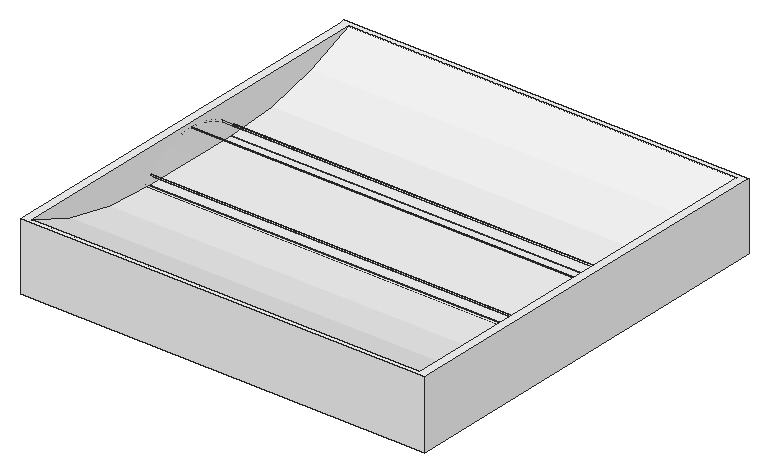
Revit family "CCL", category Lighting Fixtures, host Face, Revit 2021
Family settings
  Host = Face
  Round Connector Dimension = Use Diameter
  Part Type = Normal
  OmniClass Number = 23.80.70.11
  OmniClass Title = Luminaries for Internal Lighting
  Cut with Voids When Loaded = No
  Light Source = Yes
  Shared = No
  Room Calculation Point = No
Parameters (values of type "CCL22-3335")
  zz Length = Row Length - 1.000"  # 23.000"
  Width = 24.000"
  Watts = 28.9 W
  Wattage = 29 W
  Warranty = "Five-year warranty"  # constant formula
  built-in parameter 1150110 = 1 (stored number, unit not read)
  Voltage = 120 V
  Wattage Comments = "28.9W-43.9W"  # constant formula
  URL = "https://www.currentlighting.com/columbia"
  built-in parameter 1114217 = 1 (stored number, unit not read)
  Tilt Angle = 90.00°
  built-in parameter 1150109 = 1 (stored number, unit not read)
  built-in parameter 1150134 = (empty or 0)
  built-in parameter 1150113 = 1 (stored number, unit not read)
  Product Page URL = ""
  Product Documentation Link = ""
  Power Factor = 1
  Photometric Web File = "CCL22-3335.ies"
  built-in parameter 1150142 = "IESNA:LM-63-1995\r\n[TEST] 17.00782\r\n[DATE] 3/16/2017\r\n[MANUFAC] COLUMBIA LIGHTING\r\n[LUMCAT] CCL22-3335\r\n[LUMINAIRE] tradeSELECT ® CCL Center Lens, Recessed Architectural\r\n[MORE] 2 x 2 led with linear prismed frosted acrylic lens\r\n[LAMPCAT] Led\r\n[BALLASTCAT] PIFN-H030X\r\n[BALLAST] EU\r\n[_MOUNTING] Recessed\r\n[_BALLASTFACTOR] 1.00\r\n[_SHIELDING_ANGLE_0] 90\r\n[_SHIELDING_ANGLE_90] 90\r\nTILT=NONE\r\n1 -1 1.0 37 5 1 1 2.00 2.00 0.00\r\n1.00 1 28.90\r\n0.00 2.50 5.00 7.50 10.00 12.50 15.00 17.50 20.00 22.50 25.00 27.50 30.00 32.50\r\n35.00 37.50 40.00 42.50 45.00 47.50 50.00 52.50 55.00 57.50 60.00 62.50 65.00\r\n67.50 70.00 72.50 75.00 77.50 80.00 82.50 85.00 87.50 90.00\r\n0.00 22.50 45.00 67.50 90.00\r\n1066 1077 1073 1067 1055 1042 1026 1005 979 954 925 893 859 820 782 741 698 655\r\n613 566 522 481 437 395 358 319 281 248 214 182 151 121 96 71 47 24 4\r\n1066 1065 1062 1055 1044 1032 1016 996 973 948 921 891 860 824 789 751 713 673\r\n633 591 552 511 470 432 394 357 321 287 256 229 200 168 136 105 73 39 5\r\n1066 1063 1060 1055 1045 1034 1019 1002 982 961 937 913 887 857 829 797 764 732\r\n697 661 628 591 554 527 502 473 441 402 364 328 289 252 215 175 127 70 9\r\n1066 1064 1062 1056 1047 1038 1025 1010 994 976 957 937 915 891 866 840 813 785\r\n756 727 704 684 658 630 596 555 518 481 444 406 366 325 284 229 165 89 15\r\n1066 1061 1058 1053 1046 1036 1025 1011 996 980 962 943 923 901 878 853 830 803\r\n776 754 738 716 690 656 619 583 544 507 470 430 391 350 306 245 180 92 16\r\n"
  Mounting = "Recessed mount"  # constant formula
  Model = "CCL22"
  Manufacturer = "Columbia Lighting"  # constant formula
  Row Length = 24.000"
  built-in parameter 1150105 = 258.47 (stored number, unit not read)
  Lumens = 3248 lm
  built-in parameter 1150115 = 1 (stored number, unit not read)
  Load Classification = Lighting
  built-in parameter 1150137 = (empty or 0)
  built-in parameter 1150139 = (empty or 0)
  built-in parameter 1150112 = 1 (stored number, unit not read)
  built-in parameter 1150114 = 1 (stored number, unit not read)
  Lamp = "LED lamp"  # constant formula
  Light Bulb = White Glass
  built-in parameter 1150132 = (empty or 0)
  built-in parameter 1150102 = (empty or 0)
  built-in parameter 1150107 = 3500 (stored number, unit not read)
  built-in parameter 1150138 = (empty or 0)
  built-in parameter 1150106 = 2.5847 (stored number, unit not read)
  Features = "Available in 2’x2’ or 2’x4’\r\n3,300 - 5,000 lumens\r\nUp to 118 lumens per watt\r\nChoice of two color temperatures\r\n0-10V dimming, standard\r\nFully assembled for quick installation\r\nFrosted acrylic lens\r\nRecessed Mount\r\nUniversal voltage (120-277V)\r\nIC rated\r\n54,000+ hour LEDs at L70 for reduced maintenance\r\nEmergency battery backup available\r\n5-Wire Flex available\r\nDLC® (DesignLights Consortium) Qualified - see www.designlights.org\r\nFive year warranty (terms and conditions apply)"  # constant formula
  Emit from Rectangle Width = Width - 2.000"  # 22.000"
  Emit from Rectangle Length = Row Length - 2.000"  # 22.000"
  Emit Shape Visible in Rendering = no
  built-in parameter 1150104 = 10.405 (stored number, unit not read)
  Dimming Lamp Color Temperature Shift = <None>
  Dimming = "0-10V"  # constant formula
  Description = "Center-Lens Troffer"  # constant formula
  Default Elevation = 48.000"
  Copyright = "© Columbia Lighting"  # constant formula
  Color Filter = 16777215
  Certifications = "UL1598 & CSA"  # constant formula
  built-in parameter 1114218 = 1 (stored number, unit not read)
  Backbox = White
  built-in parameter 1150133 = 10 (stored number, unit not read)
  Apparent Load = Watts / Power Factor  # 28.9 VA
Types (5): name | zz Length | Watts | Wattage | built-in parameter 1150134 | Photometric Web File | built-in parameter 1150142 | Model | Row Length | built-in parameter 1150105 | Lumens | built-in parameter 1150107 | built-in parameter 1150106 | Emit from Rectangle Length | built-in parameter 1150104 | Apparent Load
  (no name) | 23.000" | 28.9 W | 29 W | (empty or 0) | "CCL22-3335.ies" | "IESNA:LM-63-1995\r\n[TEST] 17.00782\r\n[DATE] 3/16/2017\r\n[MANUFAC] COLUMBIA LIGHTING\r\n[LUMCAT] CCL22-3335\r\n[LUMINAIRE] tradeSELECT ® CCL Center Lens, Recessed Architectural\r\n[MORE] 2 x 2 led with linear prismed frosted acrylic lens\r\n[LAMPCAT] Led\r\n[BALLASTCAT] PIFN-H030X\r\n[BALLAST] EU\r\n[_MOUNTING] Recessed\r\n[_BALLASTFACTOR] 1.00\r\n[_SHIELDING_ANGLE_0] 90\r\n[_SHIELDING_ANGLE_90] 90\r\nTILT=NONE\r\n1 -1 1.0 37 5 1 1 2.00 2.00 0.00\r\n1.00 1 28.90\r\n0.00 2.50 5.00 7.50 10.00 12.50 15.00 17.50 20.00 22.50 25.00 27.50 30.00 32.50\r\n35.00 37.50 40.00 42.50 45.00 47.50 50.00 52.50 55.00 57.50 60.00 62.50 65.00\r\n67.50 70.00 72.50 75.00 77.50 80.00 82.50 85.00 87.50 90.00\r\n0.00 22.50 45.00 67.50 90.00\r\n1066 1077 1073 1067 1055 1042 1026 1005 979 954 925 893 859 820 782 741 698 655\r\n613 566 522 481 437 395 358 319 281 248 214 182 151 121 96 71 47 24 4\r\n1066 1065 1062 1055 1044 1032 1016 996 973 948 921 891 860 824 789 751 713 673\r\n633 591 552 511 470 432 394 357 321 287 256 229 200 168 136 105 73 39 5\r\n1066 1063 1060 1055 1045 1034 1019 1002 982 961 937 913 887 857 829 797 764 732\r\n697 661 628 591 554 527 502 473 441 402 364 328 289 252 215 175 127 70 9\r\n1066 1064 1062 1056 1047 1038 1025 1010 994 976 957 937 915 891 866 840 813 785\r\n756 727 704 684 658 630 596 555 518 481 444 406 366 325 284 229 165 89 15\r\n1066 1061 1058 1053 1046 1036 1025 1011 996 980 962 943 923 901 878 853 830 803\r\n776 754 738 716 690 656 619 583 544 507 470 430 391 350 306 245 180 92 16\r\n" | "CCL22" | 24.000" | 258.47 (stored number, unit not read) | 3248 lm | 3500 (stored number, unit not read) | 2.5847 (stored number, unit not read) | 22.000" | 10.405 (stored number, unit not read) | 28.9 VA
  CCL24-5035 | 47.000" | 43.9 W | 44 W | (empty or 0) | "CCL24-5035.ies" | "IESNA:LM-63-1995\r\n[TEST] 17.00783\r\n[DATE] 3/16/2017\r\n[MANUFAC] COLUMBIA LIGHTING\r\n[LUMCAT] CCL24-5035\r\n[LUMINAIRE] tradeSELECT ® CCL Center Lens, Recessed Architectural\r\n[MORE] 2 x 4 led with linear prismed frosted acrylic lens\r\n[LAMPCAT] Led\r\n[BALLASTCAT] PIFN-H040X\r\n[BALLAST] EU\r\n[_MOUNTING] Recessed\r\n[_BALLASTFACTOR] 1.00\r\n[_SHIELDING_ANGLE_0] 90\r\n[_SHIELDING_ANGLE_90] 90\r\nTILT=NONE\r\n1 -1 1.0 37 5 1 1 2.08 3.75 0.00\r\n1.00 1 43.90\r\n0.00 2.50 5.00 7.50 10.00 12.50 15.00 17.50 20.00 22.50 25.00 27.50 30.00 32.50\r\n35.00 37.50 40.00 42.50 45.00 47.50 50.00 52.50 55.00 57.50 60.00 62.50 65.00\r\n67.50 70.00 72.50 75.00 77.50 80.00 82.50 85.00 87.50 90.00\r\n0.00 22.50 45.00 67.50 90.00\r\n1636 1650 1645 1634 1620 1599 1578 1545 1509 1468 1432 1378 1324 1272 1211 1148\r\n1088 1019 952 891 822 753 691 625 561 505 444 386 335 281 230 185 141 102 71 39\r\n6\r\n1636 1627 1620 1611 1596 1575 1553 1525 1489 1453 1412 1369 1319 1266 1210 1157\r\n1097 1035 978 914 852 794 731 669 615 557 500 451 398 358 337 291 233 184 134\r\n80 16\r\n1636 1640 1634 1625 1613 1595 1574 1548 1520 1486 1449 1411 1369 1324 1277 1228\r\n1176 1124 1072 1018 965 910 855 804 766 743 709 647 583 527 470 410 353 295 219\r\n135 26\r\n1636 1633 1627 1621 1608 1593 1575 1554 1529 1503 1473 1441 1407 1370 1331 1291\r\n1249 1206 1163 1115 1071 1032 1008 985 932 868 809 754 692 633 573 508 445 364\r\n264 151 25\r\n1636 1631 1626 1620 1608 1594 1576 1557 1533 1509 1482 1453 1418 1385 1349 1310\r\n1270 1230 1189 1145 1110 1085 1067 1021 957 902 844 784 725 664 600 538 471 369\r\n272 146 20\r\n" | "CCL24" | 48.000" | 399.16 (stored number, unit not read) | 5016 lm | 3500 (stored number, unit not read) | 3.9916 (stored number, unit not read) | 46.000" | 10.591 (stored number, unit not read) | 43.9 VA
  CCL22-3335 | 23.000" | 28.9 W | 29 W | (empty or 0) | "CCL22-3335.ies" | "IESNA:LM-63-1995\r\n[TEST] 17.00782\r\n[DATE] 3/16/2017\r\n[MANUFAC] COLUMBIA LIGHTING\r\n[LUMCAT] CCL22-3335\r\n[LUMINAIRE] tradeSELECT ® CCL Center Lens, Recessed Architectural\r\n[MORE] 2 x 2 led with linear prismed frosted acrylic lens\r\n[LAMPCAT] Led\r\n[BALLASTCAT] PIFN-H030X\r\n[BALLAST] EU\r\n[_MOUNTING] Recessed\r\n[_BALLASTFACTOR] 1.00\r\n[_SHIELDING_ANGLE_0] 90\r\n[_SHIELDING_ANGLE_90] 90\r\nTILT=NONE\r\n1 -1 1.0 37 5 1 1 2.00 2.00 0.00\r\n1.00 1 28.90\r\n0.00 2.50 5.00 7.50 10.00 12.50 15.00 17.50 20.00 22.50 25.00 27.50 30.00 32.50\r\n35.00 37.50 40.00 42.50 45.00 47.50 50.00 52.50 55.00 57.50 60.00 62.50 65.00\r\n67.50 70.00 72.50 75.00 77.50 80.00 82.50 85.00 87.50 90.00\r\n0.00 22.50 45.00 67.50 90.00\r\n1066 1077 1073 1067 1055 1042 1026 1005 979 954 925 893 859 820 782 741 698 655\r\n613 566 522 481 437 395 358 319 281 248 214 182 151 121 96 71 47 24 4\r\n1066 1065 1062 1055 1044 1032 1016 996 973 948 921 891 860 824 789 751 713 673\r\n633 591 552 511 470 432 394 357 321 287 256 229 200 168 136 105 73 39 5\r\n1066 1063 1060 1055 1045 1034 1019 1002 982 961 937 913 887 857 829 797 764 732\r\n697 661 628 591 554 527 502 473 441 402 364 328 289 252 215 175 127 70 9\r\n1066 1064 1062 1056 1047 1038 1025 1010 994 976 957 937 915 891 866 840 813 785\r\n756 727 704 684 658 630 596 555 518 481 444 406 366 325 284 229 165 89 15\r\n1066 1061 1058 1053 1046 1036 1025 1011 996 980 962 943 923 901 878 853 830 803\r\n776 754 738 716 690 656 619 583 544 507 470 430 391 350 306 245 180 92 16\r\n" | "CCL22" | 24.000" | 258.47 (stored number, unit not read) | 3248 lm | 3500 (stored number, unit not read) | 2.5847 (stored number, unit not read) | 22.000" | 10.405 (stored number, unit not read) | 28.9 VA
  CCL22-3340 | 23.000" | 28.9 W | 28.9 W | 12 | "CCL22-3340.ies" | "IESNA:LM-63-1995\r\n[TEST] 17773\r\n[DATE] 3/16/2017\r\n[MANUFAC] COLUMBIA LIGHTING\r\n[LUMCAT] CCL22-3340\r\n[LUMINAIRE] tradeSELECT ® CCL Center Lens, Recessed Architectural\r\n[MORE] 2 x 2 led with linear prismed frosted acrylic lens\r\n[MORE] Data Scaled from Test# 17.00782\r\n[LAMPCAT] Led\r\n[BALLASTCAT] PIFN-H030X\r\n[BALLAST] EU\r\n[_MOUNTING] Recessed\r\n[_BALLASTFACTOR] 1.00\r\n[_SHIELDING_ANGLE_0] 90\r\n[_SHIELDING_ANGLE_90] 90\r\nTILT=NONE\r\n1 -1 1.0 37 5 1 1 2.00 2.00 0.00\r\n1.00 1 28.90\r\n0.00 2.50 5.00 7.50 10.00 12.50 15.00 17.50 20.00 22.50 25.00 27.50 30.00 32.50\r\n35.00 37.50 40.00 42.50 45.00 47.50 50.00 52.50 55.00 57.50 60.00 62.50 65.00\r\n67.50 70.00 72.50 75.00 77.50 80.00 82.50 85.00 87.50 90.00\r\n0.00 22.50 45.00 67.50 90.00\r\n1107 1118 1114 1108 1095 1082 1065 1043 1016 990 960 927 892 851 812 769 725\r\n680 636 588 542 499 454 410 372 331 292 257 222 189 157 126 100 74 49 25 4\r\n1107 1105 1102 1095 1084 1071 1055 1034 1010 984 956 925 893 855 819 780 740\r\n699 657 613 573 530 488 448 409 371 333 298 266 238 208 174 141 109 76 40 5\r\n1107 1103 1100 1095 1085 1073 1058 1040 1019 998 973 948 921 890 861 827 793\r\n760 723 686 652 613 575 547 521 491 458 417 378 340 300 262 223 182 132 73 9\r\n1107 1104 1102 1096 1087 1077 1064 1048 1032 1013 993 973 950 925 899 872 844\r\n815 785 755 731 710 683 654 619 576 538 499 461 421 380 337 295 238 171 92 16\r\n1107 1101 1098 1093 1086 1075 1064 1049 1034 1017 999 979 958 935 911 885 862\r\n834 805 783 766 743 716 681 643 605 565 526 488 446 406 363 318 254 187 96 17\r\n" | "CCL22" | 24.000" | 266.78 (stored number, unit not read) | 3352.4 lm | 4000 (stored number, unit not read) | 2.6678 (stored number, unit not read) | 22.000" | 10.777 (stored number, unit not read) | 28.9 VA
  CCL24-5040 | 47.000" | 43.9 W | 44 W | 12 | "CCL24-5040.ies" | "IESNA:LM-63-1995\r\n[TEST] 17774\r\n[DATE] 3/16/2017\r\n[MANUFAC] COLUMBIA LIGHTING\r\n[LUMCAT] CCL24-5040\r\n[LUMINAIRE] tradeSELECT ® CCL Center Lens, Recessed Architectural\r\n[MORE] 2 x 4 led with linear prismed frosted acrylic lens\r\n[MORE] Data Scaled from Test# 17.00783\r\n[LAMPCAT] Led\r\n[BALLASTCAT] PIFN-H040X\r\n[BALLAST] EU\r\n[_MOUNTING] Recessed\r\n[_BALLASTFACTOR] 1.00\r\n[_SHIELDING_ANGLE_0] 90\r\n[_SHIELDING_ANGLE_90] 90\r\nTILT=NONE\r\n1 -1 1.0 37 5 1 1 2.08 3.75 0.00\r\n1.00 1 43.90\r\n0.00 2.50 5.00 7.50 10.00 12.50 15.00 17.50 20.00 22.50 25.00 27.50 30.00 32.50\r\n35.00 37.50 40.00 42.50 45.00 47.50 50.00 52.50 55.00 57.50 60.00 62.50 65.00\r\n67.50 70.00 72.50 75.00 77.50 80.00 82.50 85.00 87.50 90.00\r\n0.00 22.50 45.00 67.50 90.00\r\n1698 1713 1708 1696 1682 1660 1638 1604 1566 1524 1486 1430 1374 1320 1257 1192\r\n1129 1058 988 925 853 782 717 649 582 524 461 401 348 292 239 192 146 106 74 40\r\n6\r\n1698 1689 1682 1672 1657 1635 1612 1583 1546 1508 1466 1421 1369 1314 1256 1201\r\n1139 1074 1015 949 884 824 759 694 638 578 519 468 413 372 350 302 242 191 139\r\n83 17\r\n1698 1702 1696 1687 1674 1656 1634 1607 1578 1542 1504 1465 1421 1374 1326 1275\r\n1221 1167 1113 1057 1002 945 887 835 795 771 736 672 605 547 488 426 366 306\r\n227 140 27\r\n1698 1695 1689 1683 1669 1654 1635 1613 1587 1560 1529 1496 1460 1422 1382 1340\r\n1296 1252 1207 1157 1112 1071 1046 1022 967 901 840 783 718 657 595 527 462 378\r\n274 157 26\r\n1698 1693 1688 1682 1669 1655 1636 1616 1591 1566 1538 1508 1472 1438 1400 1360\r\n1318 1277 1234 1189 1152 1126 1108 1060 993 936 876 814 753 689 623 558 489 383\r\n282 152 21\r\n" | "CCL24" | 48.000" | 413.17 (stored number, unit not read) | 5192 lm | 4000 (stored number, unit not read) | 4.1317 (stored number, unit not read) | 46.000" | 10.963 (stored number, unit not read) | 43.9 VA
Reference planes (in)
  plane 1 "Center (Front/Back)": y = 0.03999
  plane 2: z = 0
  plane 3 "Center (Left/Right)": x = 1.66944
  plane 4: x = -10.33056
  plane 5: x = 13.66944
  plane 6: z = -4
  plane 7: y = -11.96001
  plane 8: y = 12.03999
Forms (in)
  Extrusion 1, void
    sketch origin (0, 0.03999, 0) x (1, 0, 0) y (0, 0, 1)
      loop
        line (-10.33056, 0) -> (-10.33056, -4) -> (13.66944, -4) -> (13.66944, 0) -> (-10.33056, 0)
    from -12 to 12
Dimensions and locks (in)
  equal spacing: plane 5, plane 3 "Center (Left/Right)", plane 4
  "Row Length": plane 5 to plane 4
  equal spacing: plane 7, plane 1 "Center (Front/Back)", plane 8
  "Width": plane 7 to plane 8
  aligned and locked: plane 2 to host face
  aligned and locked: level to host face
  aligned and locked: Extrusion 1 sketch curve to level
  aligned and locked: plane 4 to Extrusion 1 sketch curve
  aligned and locked: Extrusion 1 sketch curve to plane 5
  aligned and locked: plane 6 to Extrusion 1 sketch curve
  aligned and locked: Extrusion 1 to plane 8
  aligned and locked: plane 3 "Center (Left/Right)" to nested 1
  aligned and locked: plane 1 "Center (Front/Back)" to nested 1
  aligned and locked: Extrusion 1 to plane 7
Automatic sketch dimensions
  host sketch curve to host sketch curve = 96.000"  (x2)
Nested families (in)
  nested 1: "CCL Center-Lens Troffer" at (1.66944, 0.03999, -4), Glass <- "Light Bulb", Finish <- "Backbox", Width <- "Width", Row Length <- "Row Length", type "CCL Center-Lens Troffer"
    with Width 24.000", Row Length 24.000", Height 4.000", Glass White Glass, Finish White
Connectors (in)
  electrical at (1.66944, 0.03999, -4), driven by "Voltage", driven by "Load Classification", driven by "Apparent Load", driven by "Power Factor"
    settings: on nested 1, index 1, voltage 120 V, apparent load 28.9 VA, apparent load phase1 0 VA, apparent load phase2 0 VA, apparent load phase3 0 VA, power factor 1, load classification "Lighting", number of poles 1, system type 30, power factor state 1, is connector primary yes, connector utility no, sub classification motor no, connector description "Lighting Connector"
Definition of nested family "CCL Center-Lens Troffer"
  Parameters
    Width [instance] = 24.000"
    Row Length [instance] = 24.000"
    Height [instance] = 4.000"
    Glass [instance] = none
    Finish [instance] = none
    Default Elevation = 48.000"
  Reference planes (in)
    plane 1 "Center (Front/Back)": y = 0
    plane 2: z = 0
    plane 3 "Center (Left/Right)": x = 0
    plane 4: x = 12
    plane 5: x = -12
    plane 6: y = -12
    plane 7: y = 12
    plane 8: z = 4
    plane 9: x = -11.5
    plane 10: x = 11.5
    plane 11: y = -3
    plane 12: y = 3
    plane 13: z = 2
    plane 14: y = -11.75
    plane 15: y = 11.75
    plane 16: z = 0.25
  Forms (in)
    Extrusion 1, solid
      sketch origin (0, 0, 0) x (1, 0, 0) y (0, 1, 0)
        loop
          line (-48, 48) -> (-48, -48) -> (48, -48) -> (48, 48) -> (-48, 48)
      from 0 to -12
    Extrusion 2, solid, material <- "Glass"
      sketch origin (0, 0, 0) x (0, 1, 0) y (0, 0, 1)
        loop
          arc (-3.0054, 2) -> (-3.2554, 2.25) -> (-3.0054, 2.5) r 0.25
          arc (-3.0054, 2.5) -> (-1.62233, 3.40315) -> (0, 3.71395) r 4.27102
          arc (0, 3.71395) -> (1.62233, 3.40315) -> (3.0054, 2.5) r 4.27102
          arc (3.0054, 2.5) -> (3.2554, 2.25) -> (3.0054, 2) r 0.25
          line (3.0054, 2) -> (3.0054, 1.89823)
          arc (3.0054, 1.89823) -> (3.35619, 2.24902) -> (3.0054, 2.59982) r 0.35079
          arc (3.0054, 2.59982) -> (1.6184, 3.48995) -> (0, 3.80122) r 4.35698
          arc (0, 3.80122) -> (-1.6184, 3.48995) -> (-3.0054, 2.59982) r 4.35698
          arc (-3.0054, 2.59982) -> (-3.35619, 2.24902) -> (-3.0054, 1.89823) r 0.35079
          line (-3.0054, 1.89823) -> (-3.0054, 2)
      from -11.5 to 11.5
    Extrusion 3, solid, material <- "Finish"
      sketch origin (0, 0, 0) x (0, 1, 0) y (0, 0, 1)
        loop
          line (-12, 4) -> (-12, 0) -> (12, 0) -> (12, 4) -> (-12, 4)
      from 11.5 to 12
    Extrusion 4, solid, material <- "Finish"
      sketch origin (0, 0, 0) x (0, 1, 0) y (0, 0, 1)
        loop
          line (12, 4) -> (-12, 4) -> (-12, 0) -> (12, 0) -> (12, 4)
      from -12 to -11.5
    Extrusion 5, solid, material <- "Finish"
      sketch origin (0, 0, 0) x (0, 1, 0) y (0, 0, 1)
        loop
          line (-12, 0) -> (12, 0) -> (12, 4) -> (11.75, 4) -> (11.75, 0.25) -> (-11.75, 0.25) -> (-11.75, 4) -> (-12, 4) -> (-12, 0)
      from -11.5 to 11.5
    Extrusion 6, solid, material <- "Finish"
      sketch origin (0, 0, 0) x (0, 1, 0) y (0, 0, 1)
        loop
          arc (-3, 2) -> (-7.48783, 2.50637) -> (-11.75, 4) r 20.14062
          line (-11.75, 4) -> (-11.75, 0.25) -> (11.75, 0.25) -> (11.75, 4)
          arc (11.75, 4) -> (7.48783, 2.50637) -> (3, 2) r 20.14062
          line (3, 2) -> (-3, 2)
      from -12 to 12
  Cuts and joins
    joined: Extrusion 3, Extrusion 4, Extrusion 5, Extrusion 6
  Dimensions and locks (in)
    equal spacing: plane 4, plane 3 "Center (Left/Right)", plane 5
    "Row Length": plane 4 to plane 5
    equal spacing: plane 6, plane 1 "Center (Front/Back)", plane 7
    "Width": plane 6 to plane 7
    "Height": plane 8 to plane 2
    equal spacing: plane 10, plane 3 "Center (Left/Right)", plane 9
    locked: plane 9 to plane 5 at 0.5
    equal spacing: plane 11, plane 1 "Center (Front/Back)", plane 12
    locked: plane 11 to plane 1 "Center (Front/Back)" at 3
    locked: plane 6 to plane 14 at 0.25
    equal spacing: plane 14, plane 1 "Center (Front/Back)", plane 15
    locked: plane 16 to level at 0.25
    level to Extrusion 5 = 4.000"
    aligned and locked: plane 2 to Extrusion 1
    aligned and locked: level to Extrusion 1
    aligned and locked: Extrusion 2 to plane 10
    aligned and locked: Extrusion 2 to plane 9
    aligned and locked: plane 8 to Extrusion 3 sketch curve
    aligned and locked: plane 6 to Extrusion 3 sketch curve
    aligned and locked: level to Extrusion 3 sketch curve
    aligned and locked: Extrusion 3 sketch curve to plane 7
    aligned and locked: plane 4 to Extrusion 3
    aligned and locked: plane 10 to Extrusion 3
    aligned and locked: Extrusion 4 sketch curve to Extrusion 3  (x4)
    aligned and locked: Extrusion 4 to plane 5
    aligned and locked: plane 9 to Extrusion 4
    aligned and locked: Extrusion 5 sketch curve to Extrusion 3  (x4)
    aligned and locked: plane 8 to Extrusion 5 sketch curve
    aligned and locked: Extrusion 5 sketch curve to plane 14
    aligned and locked: plane 16 to Extrusion 5 sketch curve
    aligned and locked: Extrusion 5 sketch curve to plane 15
    aligned and locked: Extrusion 5 to plane 10
    aligned and locked: Extrusion 5 to plane 9
    aligned and locked: plane 13 to Extrusion 6 sketch curve
    aligned and locked: plane 12 to Extrusion 6 sketch curve
    aligned and locked: plane 11 to Extrusion 6 sketch curve
    aligned and locked: Extrusion 6 sketch curve to plane 14
    aligned and locked: plane 16 to Extrusion 6 sketch curve
    aligned and locked: Extrusion 6 sketch curve to plane 15
    aligned and locked: plane 4 to Extrusion 6
    aligned and locked: Extrusion 6 to plane 5
  Automatic sketch dimensions
    Extrusion 1 sketch curve to Extrusion 1 sketch curve = 96.000"  (x2)
    plane 13 to Extrusion 2 sketch curve = 0.000"  (x2)
    Extrusion 2 sketch curve to plane 1 "Center (Front/Back)" = 0.000"  (x2)
    plane 1 "Center (Front/Back)" to Extrusion 2 sketch curve = 0.00113"
    Extrusion 2 sketch curve to Extrusion 2 sketch curve = 0.0216"  (x2)
    Extrusion 2 sketch curve to plane 11 = 0.0054"
    Extrusion 2 sketch curve to plane 1 "Center (Front/Back)" = 0.00113"
    Extrusion 2 sketch curve to plane 12 = 0.0054"
    plane 13 to Extrusion 2 sketch curve = 0.10177"  (x2)
    Extrusion 2 sketch curve to level = 0.55575"
    Extrusion 2 sketch curve to Extrusion 2 sketch curve = 0.000"
    Extrusion 2 sketch curve to Extrusion 2 sketch curve = 0.00126"  (x2)
    Extrusion 2 sketch curve to Extrusion 2 sketch curve = 0.24902"
    Extrusion 2 sketch curve to Extrusion 2 sketch curve = 0.00098"
    plane 8 to Extrusion 6 sketch curve = 0.000"  (x2)
